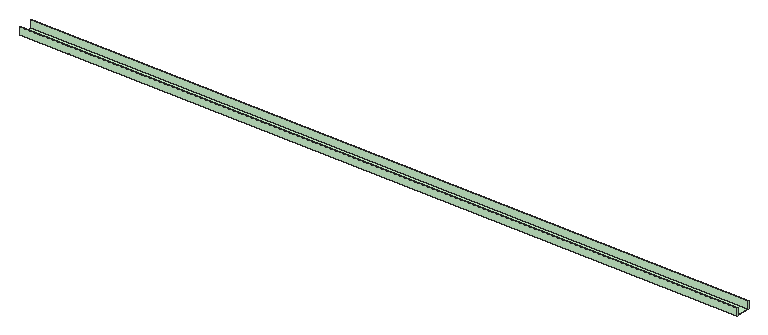
Revit family "sqrunner_75", category 機械設備, Revit 2022
Family settings
  丸型コネクタ寸法 = 直径を使用
  種別 = なし
  パーツ タイプ = 標準
  作業面ベース = いいえ
  常に垂直 = はい
  ロード時にボイドで切り取り = いいえ
  注釈の向きを維持 = いいえ
  共有 = いいえ
  部屋計算ポイント = いいえ
Parameters
  製造元 = "株式会社桐井製作所"
  既定の高さ = 0 mm
  URL = "https://www.kirii.co.jp/"
  K_長さ(mm) [instance] = 4000 mm
  K_材質 = "SGCC　一般用"
  K_外形寸法(mm) = "77×40×40"
  K_品名 = "SQ-ランナー75"
  K_名称 = "角型スタッド用ランナー"
  K_バージョン情報 = "20210524"
  K_めっき付着量 = "Z08"
  K_JIS規格 = "JIS G 3302"
Reference planes
  plane 1 "中心(正面/背面)": y = 0
  plane 2: z = 0
  plane 3 "中心(左/右)": x = 0
  plane 4: x = 4000
  plane 5: y = 38.5
  plane 6: y = -38.5
Forms (mm)
  Extrusion 1, solid
    sketch origin (0, 0, 0) x (0, 1, 0) y (0, 0, 1)
      loop
        line (-38.5, 0) -> (38.5, 0) -> (38.5, 40) -> (37.7, 40) -> (37.7, 0.8) -> (-37.7, 0.8) -> (-37.7, 40) -> (-38.5, 40) -> (-38.5, 0)
    from 0 to 4000
Dimensions and locks
  "K_長さ(mm)": plane 3 "中心(左/右)" to plane 4
  aligned and locked: level to plane 2
  aligned and locked: plane 4 to Extrusion 1
  aligned and locked: Extrusion 1 to plane 4
Automatic sketch dimensions
  Extrusion 1 sketch curve to level = 0 mm
  Extrusion 1 sketch curve to plane 6 = 0 mm
  Extrusion 1 sketch curve to Extrusion 1 sketch curve = 0.8 mm
  level to Extrusion 1 sketch curve = 0.8 mm
  Extrusion 1 sketch curve to Extrusion 1 sketch curve = 39.2 mm  (x2)
  Extrusion 1 sketch curve to plane 5 = 0 mm
  Extrusion 1 sketch curve to plane 5 = 0.8 mm
